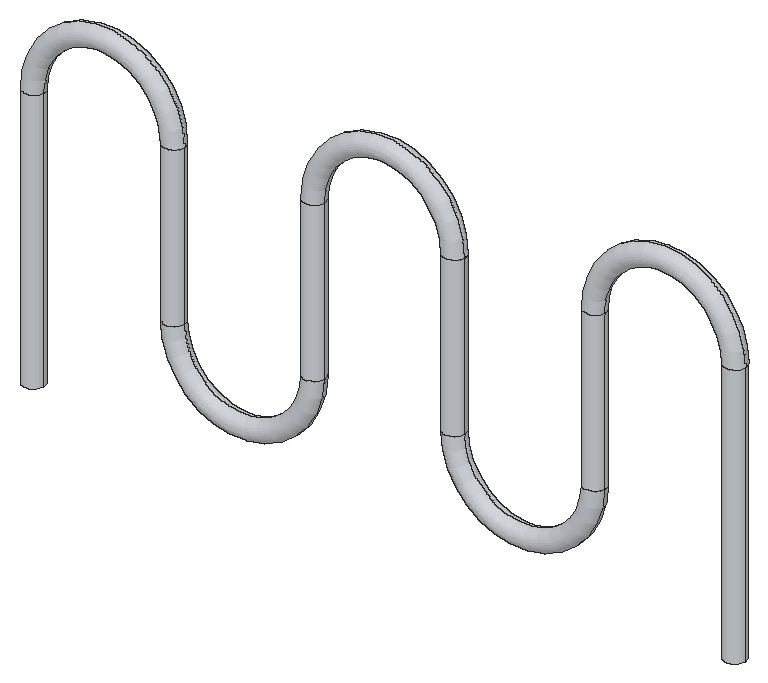
Revit family "M_Suporte para bicicletas", category Equipamento especial, Revit 2019
Family settings
  Cota do conector redondo = Utilizar diâmetro
  Tipo de parte = Normal
  Número OmniClass = 23.40.10.11.11
  Título OmniClass = Bicycle Racks
  ID de item do Seek = Bicycle Rack-0000-CAN-ENU
  Com base no plano de trabalho = Não
  Sempre na vertical = Sim
  Corte com vazios quando carregada = Não
  Compartilhado = Não
  Ponto de cálculo do ambiente = Não
Reference planes
  plane 1 "Centro (Frente/Trás)": y = 0
  plane 2: z = 0
  plane 3 "Centro (Esquerda/Direita)": x = 0
  plane 4: x = -1046.162
  plane 5: x = 1046.163
  plane 6: z = 990.6
Forms (mm)
  Sweep 1, solid
    path origin (0, 0, 0) x (1, 0, 0) y (0, 0, 1)
      loop
        line (-1016, 0) -> (-1016, 762)
        arc (-1016, 762) -> (-812.8, 965.2) -> (-609.6, 762) r 203.2
        line (-609.6, 762) -> (-609.6, 304.8)
        arc (-609.6, 304.8) -> (-406.4, 101.6) -> (-203.2, 304.8) r 203.2
        line (-203.2, 304.8) -> (-203.2, 762)
        arc (-203.2, 762) -> (0, 965.2) -> (203.2, 762) r 203.2
        line (203.2, 762) -> (203.2, 304.8)
        arc (203.2, 304.8) -> (406.4, 101.6) -> (609.6, 304.8) r 203.2
        line (609.6, 304.8) -> (609.6, 762)
        arc (609.6, 762) -> (812.8, 965.2) -> (1016, 762) r 203.2
        line (1016, 762) -> (1016, 0)
    profile origin (-1016, 0, 381) x (-1, 0, 0) y (0, -1, 0)
      loop
        circle (0, 0) r 30.163
Lines and regions (mm)
  symbolic lines
    curve 1: line (-1016, 31.75, 0) -> (1016, 31.75, 0)
    curve 2: line (1016, -31.75, 0) -> (-1016, -31.75, 0)
    curve 3: line (0, 31.75, 0) -> (0, -31.75, 0)
    curve 4: line (0, 31.75, 965.2) -> (0, 31.75, 0)
    curve 5: line (0, -31.75, 0) -> (0, -31.75, 965.2)
    curve 7: arc (-1016, 31.75, 0) -> (-1047.75, 0, 0) -> (-1016, -31.75, 0) r 31.75
    curve 9: arc (1016, 31.75, 0) -> (1047.75, 0, 0) -> (1016, -31.75, 0) r 31.75
    curve 10: arc (0, 31.75, 965.2) -> (0, 0, 996.95) -> (0, -31.75, 965.2) r 31.75
  reference lines
    curve 6: line (-1016, 74.613, 0) -> (-1016, -71.437, 0)
    curve 8: line (1016, 74.613, 0) -> (1016, -71.437, 0)
